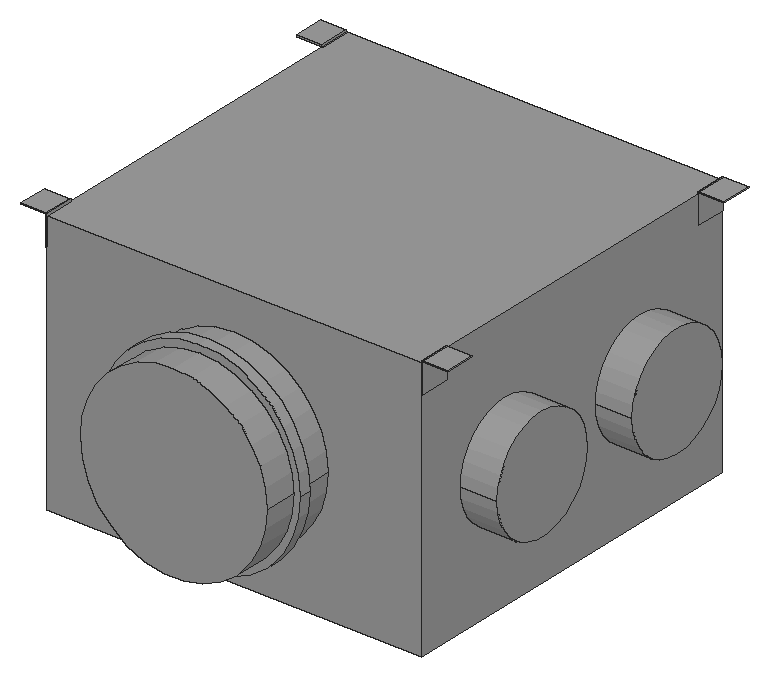
Revit family "SA_FASU(F4-150 250Φ)", category ダクト付属品, Revit 2020
Family settings
  丸型コネクタ寸法 = 直径を使用
  パーツ タイプ = ダンパー
  OmniClass 番号 = 23.75.00.00
  OmniClass タイトル = Climate Control (HVAC)
  作業面ベース = いいえ
  常に垂直 = はい
  ロード時にボイドで切り取り = いいえ
  共有 = いいえ
Parameters
  高さ = 350 mm
  風量 = 0.0 L/s
  符号 = "FASU"
  形式 = "F4-150 250φ"
  幅 [instance] = 500 mm
  奥行き = 500 mm
  大きさ = 250 mm
  呼称 = "FASUチャンバー"
  付属品_下端レベル [instance] = 0 mm
  マテリアル [instance] = 既定値
  ダクト_イン = 250 mm
  ダクト_アウト = 150 mm
  既定の高さ = 0 mm
Reference planes
  plane 1 "中心(正面/背面)": y = 0
  plane 2: z = 0
  plane 3 "中心(左/右)": x = 0
  plane 4: x = -250
  plane 5: x = 250
  plane 6: y = -500
  plane 7: z = 350
  plane 8: z = 175
  plane 9: z = 266.963
  plane 10: z = 86.159
  plane 11: x = -125
  plane 12: x = 125
  plane 13: x = -135
  plane 14: x = 135
  plane 15: x = -251
  plane 16: z = 313.122
  plane 17: z = 352.122
  plane 18: y = -250
Forms (mm)
  Extrusion 1, solid, material "既定値" <- "マテリアル"
    sketch origin (0, 0, 0) x (1, 0, 0) y (0, 1, 0)
      loop
        line (-250, 0) -> (-250, -500) -> (250, -500) -> (250, 0) -> (-250, 0)
    from 0 to 350
  Extrusion 2, solid, material "既定値" <- "マテリアル"
    sketch origin (0, -30, 0) x (1, 0, 0) y (0, 0, 1)
      loop
        circle (0, 175) r 125
    from 470 to 512.5
  Extrusion 3, solid, material "既定値" <- "マテリアル"
    sketch origin (0, -30, 0) x (1, 0, 0) y (0, 0, 1)
      loop
        circle (0, 175) r 135
    from 512.5 to 527.5
  Extrusion 4, solid, material "既定値" <- "マテリアル"
    sketch origin (0, -117.5, 0) x (1, 0, 0) y (0, 0, 1)
      loop
        circle (0, 175) r 125
    from 440 to 482.5
  Extrusion 5, solid, material "既定値" <- "マテリアル"
    sketch origin (0, -30, 0) x (0, 1, 0) y (0, 0, 1)
      loop
        circle (-332.5, 175) r 74.985
    from -300 to -250
  Extrusion 6, solid, material "既定値" <- "マテリアル"
    sketch origin (550, -30, 0) x (0, 1, 0) y (0, 0, 1)
      loop
        circle (-332.5, 175) r 74.985
    from -300 to -250
  Extrusion 7, solid, material "既定値" <- "マテリアル"
    sketch origin (0, -30, 0) x (1, 0, 0) y (0, 1, 0)
      loop
        line (-250, 30) -> (-251, 30) -> (-251, -10) -> (-250, -10) -> (-250, 30)
    from 313.122 to 350
  Extrusion 8, solid, material "既定値" <- "マテリアル"
    sketch origin (0, -30, 0) x (1, 0, 0) y (0, 1, 0)
      loop
        line (-285, 30) -> (-285, -10) -> (-251, -10) -> (-251, 30) -> (-285, 30)
    from 352.122 to 350
  Extrusion 9, solid, material "既定値" <- "マテリアル"
    sketch origin (0, -30, 0) x (-1, 0, 0) y (0, -1, 0)
      loop
        line (-250, -30) -> (-250, 10) -> (-251, 10) -> (-251, -30) -> (-250, -30)
    from 313.122 to 353.122
  Extrusion 10, solid, material "既定値" <- "マテリアル"
    sketch origin (0, -30, 0) x (-1, 0, 0) y (0, -1, 0)
      loop
        line (-285, -30) -> (-251, -30) -> (-251, 10) -> (-285, 10) -> (-285, -30)
    from 352.122 to 353.122
  Extrusion 11, solid, material "既定値" <- "マテリアル"
    sketch origin (0, -490, 0) x (1, 0, 0) y (0, 1, 0)
      loop
        line (-285, 30) -> (-285, -10) -> (-251, -10) -> (-251, 30) -> (-285, 30)
    from 352.122 to 353.122
  Extrusion 12, solid, material "既定値" <- "マテリアル"
    sketch origin (0, -490, 0) x (1, 0, 0) y (0, 1, 0)
      loop
        line (-250, 30) -> (-251, 30) -> (-251, -10) -> (-250, -10) -> (-250, 30)
    from 313.122 to 353.122
  Extrusion 13, solid, material "既定値" <- "マテリアル"
    sketch origin (0, -490, 0) x (-1, 0, 0) y (0, -1, 0)
      loop
        line (-285, -30) -> (-251, -30) -> (-251, 10) -> (-285, 10) -> (-285, -30)
    from 352.122 to 353.122
  Extrusion 14, solid, material "既定値" <- "マテリアル"
    sketch origin (0, -490, 0) x (-1, 0, 0) y (0, -1, 0)
      loop
        line (-250, -30) -> (-250, 10) -> (-251, 10) -> (-251, -30) -> (-250, -30)
    from 313.122 to 353.122
  Extrusion 15, solid, material "既定値" <- "マテリアル"
    sketch origin (550, -470, 0) x (0, -1, 0) y (0, 0, -1)
      loop
        circle (-332.5, -175) r 74.985
    from -300 to -250
  Extrusion 16, solid, material "既定値" <- "マテリアル"
    sketch origin (-550, -470, 0) x (0, -1, 0) y (0, 0, 1)
      loop
        circle (-332.5, 175) r 74.985
    from -300 to -250
Lines and regions (mm)
  model lines
    curve 1: line (-250, -30, 0) -> (250, -30, 0)
    curve 2: line (-250, -470, 0) -> (250, -470, 0)
Text (mm)
  text "FASU(F4-150 250Φ)" at (120.822, -450.782, 0), in view "参照レベル"
Dimensions and locks
  equal spacing: plane 4, plane 3 "中心(左/右)", plane 5
  "幅": plane 4 to plane 5
  "奥行き": plane 6 to plane 1 "中心(正面/背面)"
  "高さ": plane 7 to level
  equal spacing: plane 7, plane 8, level
  equal spacing: plane 6, plane 18, plane 1 "中心(正面/背面)"
  aligned and locked: level to plane 2
  aligned and locked: Extrusion 1 sketch curve to plane 5
  aligned and locked: plane 7 to Extrusion 1
  aligned and locked: plane 4 to Extrusion 5
  aligned and locked: Extrusion 6 to plane 5
  aligned and locked: Extrusion 7 sketch curve to Extrusion 1
  aligned and locked: plane 7 to Extrusion 7
  aligned and locked: Extrusion 8 sketch curve to Extrusion 7
  aligned and locked: Extrusion 7 to Extrusion 8 sketch curve
  aligned and locked: plane 7 to Extrusion 8
  aligned and locked: Extrusion 8 to plane 17
  aligned and locked: Extrusion 9 to Extrusion 10 sketch curve
  aligned and locked: Extrusion 10 sketch curve to Extrusion 9
  aligned and locked: Extrusion 3 to Extrusion 4
  aligned and locked: Extrusion 3 to Extrusion 2
  aligned and locked: Extrusion 1 to Extrusion 13
  aligned and locked: Extrusion 11 to Extrusion 1
  aligned and locked: Extrusion 12 to Extrusion 1
  aligned and locked: Extrusion 1 to Extrusion 14
  aligned and locked: Extrusion 14 to Extrusion 13
  aligned and locked: Extrusion 12 to Extrusion 11
  aligned and locked: plane 4 to Extrusion 12
  aligned and locked: Extrusion 14 to plane 5
  aligned and locked: plane 4 to curve 1
  aligned and locked: plane 5 to curve 1
  aligned and locked: plane 5 to curve 2
  aligned and locked: plane 4 to curve 2
  aligned and locked: Extrusion 1 to Extrusion 8
  aligned and locked: Extrusion 10 to Extrusion 1
  aligned and locked: Extrusion 9 to plane 5
  aligned and locked: Extrusion 1 to plane 6
  aligned and locked: Extrusion 1 to plane 1 "中心(正面/背面)"
  aligned and locked: plane 6 to Extrusion 2
  aligned and locked: Extrusion 15 to plane 5
  aligned and locked: plane 4 to Extrusion 16
Automatic sketch dimensions
  plane 6 to curve 2 = 30 mm
  plane 1 "中心(正面/背面)" to curve 1 = 30 mm
  Extrusion 1 sketch curve to plane 4 = 0 mm
  Extrusion 1 sketch curve to plane 6 = 0 mm
  plane 1 "中心(正面/背面)" to Extrusion 1 sketch curve = 0 mm
  Extrusion 2 sketch curve to plane 3 "中心(左/右)" = 0 mm
  Extrusion 2 sketch curve to plane 8 = 0 mm
  Extrusion 3 sketch curve to plane 3 "中心(左/右)" = 0 mm
  Extrusion 3 sketch curve to plane 8 = 0 mm
  Extrusion 4 sketch curve to plane 3 "中心(左/右)" = 0 mm
  Extrusion 4 sketch curve to plane 8 = 0 mm
  Extrusion 5 sketch curve to plane 8 = 0 mm
  Extrusion 6 sketch curve to plane 8 = 0 mm
  plane 1 "中心(正面/背面)" to Extrusion 7 sketch curve = 0 mm
  Extrusion 7 sketch curve to plane 15 = 0 mm
  Extrusion 7 sketch curve to Extrusion 7 sketch curve = 40 mm
  plane 1 "中心(正面/背面)" to Extrusion 8 sketch curve = 0 mm
  Extrusion 8 sketch curve to Extrusion 8 sketch curve = 34 mm
  plane 1 "中心(正面/背面)" to Extrusion 9 sketch curve = 0 mm
  Extrusion 9 sketch curve to plane 5 = 0 mm
  Extrusion 9 sketch curve to Extrusion 9 sketch curve = 1 mm
  Extrusion 9 sketch curve to Extrusion 9 sketch curve = 40 mm
  plane 1 "中心(正面/背面)" to Extrusion 10 sketch curve = 0 mm
  Extrusion 10 sketch curve to Extrusion 10 sketch curve = 34 mm
  Extrusion 11 sketch curve to plane 6 = 0 mm
  Extrusion 11 sketch curve to plane 15 = 0 mm
  Extrusion 11 sketch curve to Extrusion 11 sketch curve = 34 mm
  Extrusion 12 sketch curve to plane 15 = 0 mm
  Extrusion 12 sketch curve to plane 4 = 0 mm
  Extrusion 12 sketch curve to plane 6 = 0 mm
  Extrusion 13 sketch curve to plane 6 = 0 mm
  Extrusion 13 sketch curve to plane 5 = 35 mm
  Extrusion 13 sketch curve to plane 5 = 1 mm
  Extrusion 14 sketch curve to plane 6 = 0 mm
  Extrusion 14 sketch curve to plane 5 = 0 mm
  Extrusion 14 sketch curve to Extrusion 14 sketch curve = 1 mm
  Extrusion 15 sketch curve to plane 8 = 0 mm
  plane 18 to Extrusion 15 sketch curve = 112.5 mm
  Extrusion 16 sketch curve to plane 8 = 0 mm
  plane 18 to Extrusion 16 sketch curve = 112.5 mm
  Extrusion 5 sketch curve to plane 18 = 112.5 mm
  Extrusion 6 sketch curve to plane 18 = 112.5 mm
  plane 6 to Extrusion 11 sketch curve = 40 mm
  plane 6 to Extrusion 12 sketch curve = 40 mm
  Extrusion 13 sketch curve to plane 6 = 40 mm
  Extrusion 14 sketch curve to plane 6 = 40 mm
  radius of Extrusion 2 sketch curve = 125 mm
  radius of Extrusion 3 sketch curve = 135 mm
  radius of Extrusion 4 sketch curve = 125 mm
  radius of Extrusion 5 sketch curve = 74.985 mm
  radius of Extrusion 6 sketch curve = 74.985 mm
  radius of Extrusion 15 sketch curve = 74.985 mm
  radius of Extrusion 16 sketch curve = 74.985 mm
Connectors
  hvac at (-300, -362.5, 175), driven by "ダクト_アウト"
    settings: on Extrusion 5, index 1, duct flow 0.0 L/s, flow factor 0, pres drop 0.0 Pa, loss coef 0, conn angle 0.00°, conn width 304.8 mm, conn height 304.8 mm, conn diameter 150 mm, duct sys type 29, conn prof type 0, flow config 0, flow direction 2, loss method 0, conn ref index -1, conn util no, is conn primary yes, conn desc ""
  hvac at (-300, -137.5, 175), driven by "ダクト_アウト"
    settings: on Extrusion 16, index 2, duct flow 0.0 L/s, flow factor 0, pres drop 0.0 Pa, loss coef 0, conn angle 0.00°, conn width 304.8 mm, conn height 304.8 mm, conn diameter 150 mm, duct sys type 29, conn prof type 0, flow config 0, flow direction 2, loss method 0, conn ref index -1, conn util no, is conn primary no, conn desc ""
  hvac at (300, -362.5, 175), driven by "ダクト_アウト"
    settings: on Extrusion 6, index 3, duct flow 0.0 L/s, flow factor 0, pres drop 0.0 Pa, loss coef 0, conn angle 0.00°, conn width 304.8 mm, conn height 304.8 mm, conn diameter 150 mm, duct sys type 29, conn prof type 0, flow config 0, flow direction 2, loss method 0, conn ref index -1, conn util no, is conn primary no, conn desc ""
  hvac at (300, -137.5, 175), driven by "ダクト_アウト"
    settings: on Extrusion 15, index 4, duct flow 0.0 L/s, flow factor 0, pres drop 0.0 Pa, loss coef 0, conn angle 0.00°, conn width 304.8 mm, conn height 304.8 mm, conn diameter 150 mm, duct sys type 29, conn prof type 0, flow config 0, flow direction 2, loss method 0, conn ref index -1, conn util no, is conn primary no, conn desc ""
  hvac at (0, -600, 175), driven by "ダクト_イン"
    settings: on Extrusion 4, index 5, duct flow 0.0 L/s, flow factor 0, pres drop 0.0 Pa, loss coef 0, conn angle 0.00°, conn width 304.8 mm, conn height 304.8 mm, conn diameter 250 mm, duct sys type 29, conn prof type 0, flow config 0, flow direction 1, loss method 0, conn ref index -1, conn util no, is conn primary no, conn desc ""
